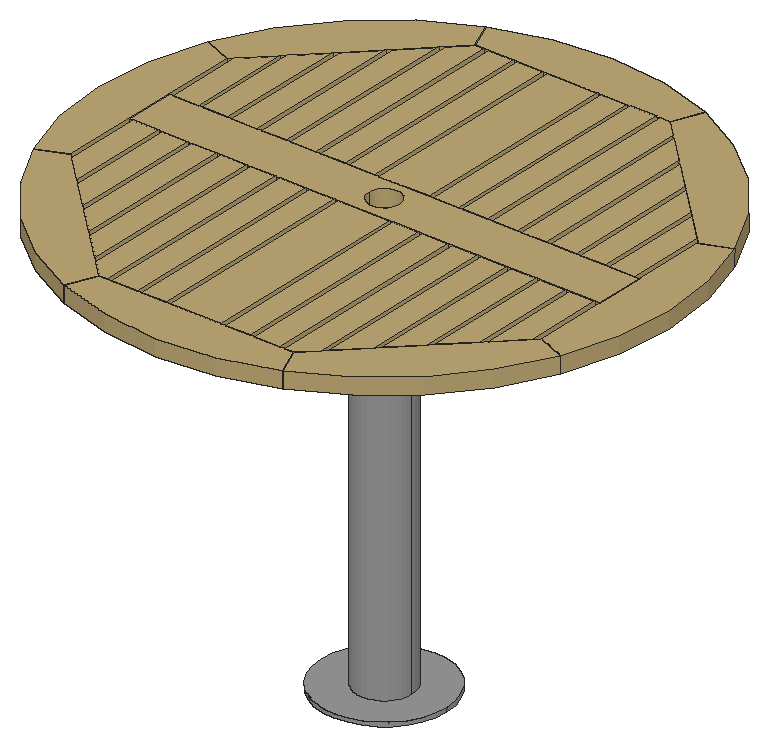
Revit family "L-FUR_테이블_YT-03_예건", category 일반 모델, Revit 2021
Family settings
  보강 철근 호스트 가능 = 아니오
  원형 커넥터 치수 = 지름 사용
  부품 유형 = 보통
  작업 기준면 기반 = 아니오
  항상 수직 = 예
  로드될 때 보이드를 사용하여 절단 = 아니오
  공유 = 아니오
  룸 계산 점 = 아니오
Parameters
  한국산업규격KS = ""
  조달청표준공사코드-세부공종 = ""
  기본 입면도 = 0 mm
  건설정보분류체계-부위분류 = "E943"
  LIM_INFO_주의사항 = "재배포, 재가공, 판매 금지"
  LIM_INFO_제품업체 = "예건"
  LIM_INFO_제품번호 = "YF-16"
  LIM_INFO_제품명 = "펜스_YF-16"
  LIM_INFO_제작일 = "20230315"
  LIM_INFO_재료 = "Hardwood, STL-pipe, STL-plate"
  LIM_INFO_업체정보 = ""
  LIM_INFO_업체URL = "https://yekun.com/"
  LIM_INFO_업체TEL = "(+82)31-943-6114"
  LIM_INFO_업체EMAIL = "yekun@yekun.com"
  LIM_INFO_버전 = "2023_V01"
  LIM_INFO_기타정보 = ""
  LIM_INFO_규격 = "W2000 x H1800"
  LIM_INFO_가격 = 0
  LIM_INFO_PV_포장재여부 = yes
  LIM_INFO_PV_면적 = 0.00 m²
  KBIMS_식별-버전 = ""
  KBIMS_식별-bSK등록번호 = ""
  KBIMS_보급정보-저작자 = "림인포테크_MMJ"
  KBIMS_보급정보-보급코드 = ""
Reference planes
  plane 1 "중심(앞/뒤)": y = 0
  plane 2: z = 0
  plane 3 "중심(왼쪽/오른쪽)": x = 0
Dimensions and locks
  aligned and locked: level to plane 2
Nested families
  nested 1: "YT-03_base" at (0, 0, 0), type "YT-03_base"
Definition of nested family "YT-03_base"
  Parameters (values of type "YT-03_base")
    Default Elevation = 0 mm
  Reference planes
    plane 1 "중심(앞/뒤)": y = 0
    plane 2: z = 0
    plane 3 "중심(왼쪽/오른쪽)": x = 0
  Forms (mm)
    Extrusion 1, solid, detail levels fine
      sketch origin (-1092.933, -5777.952, 0) x (1, 0, 0) y (0, 1, 0)
        loop
          circle (1547.527, 6232.546) r 100
      from 0 to 6
    Blend 2, solid, detail levels fine
      base sketch origin (-1092.933, -5777.952, 0) x (1, 0, 0) y (0, 1, 0)
        loop
          circle (1547.527, 6232.546) r 74.55
      top sketch origin (-1092.933, -5777.952, 0) x (1, 0, 0) y (0, 1, 0)
        loop
          circle (1547.527, 6232.546) r 421.289
      from 588 to 668
    Extrusion 3, solid, detail levels fine
      sketch origin (-1092.933, -5777.952, 0) x (1, 0, 0) y (0, 1, 0)
        loop
          circle (1547.527, 6232.546) r 421.289
      from 668 to 674
    Extrusion 4, solid, detail levels fine
      sketch origin (-1092.933, -5777.952, 0) x (1, 0, 0) y (0, 1, 0)
        loop
          line (1178.527, 6395.291) -> (1178.527, 6272.546) -> (1218.527, 6272.546) -> (1218.527, 6435.291) -> (1178.527, 6395.291)
        loop
          line (1225.527, 6442.291) -> (1225.527, 6272.546) -> (1265.527, 6272.546) -> (1265.527, 6482.291) -> (1225.527, 6442.291)
        loop
          line (1272.527, 6272.546) -> (1312.527, 6272.546) -> (1312.527, 6529.291) -> (1272.527, 6489.291) -> (1272.527, 6272.546)
        loop
          line (1319.527, 6536.291) -> (1319.527, 6272.546) -> (1359.527, 6272.546) -> (1359.527, 6576.291) -> (1319.527, 6536.291)
        loop
          line (1366.527, 6272.546) -> (1406.527, 6272.546) -> (1406.527, 6608.546) -> (1391.783, 6608.546) -> (1366.527, 6583.291) -> (1366.527, 6272.546)
        loop
          line (1413.527, 6608.546) -> (1413.527, 6272.546) -> (1453.527, 6272.546) -> (1453.527, 6608.546) -> (1413.527, 6608.546)
        loop
          line (1460.527, 6272.546) -> (1500.527, 6272.546) -> (1500.527, 6608.546) -> (1460.527, 6608.546) -> (1460.527, 6272.546)
      from 674 to 700
    Extrusion 5, solid, detail levels fine
      sketch origin (2002.122, -5777.952, 0) x (-1, 0, 0) y (0, -1, 0)
        loop
          line (1178.527, -6395.291) -> (1218.527, -6435.291) -> (1218.527, -6272.546) -> (1178.527, -6272.546) -> (1178.527, -6395.291)
        loop
          line (1225.527, -6442.291) -> (1265.527, -6482.291) -> (1265.527, -6272.546) -> (1225.527, -6272.546) -> (1225.527, -6442.291)
        loop
          line (1272.527, -6272.546) -> (1272.527, -6489.291) -> (1312.527, -6529.291) -> (1312.527, -6272.546) -> (1272.527, -6272.546)
        loop
          line (1319.527, -6536.291) -> (1359.527, -6576.291) -> (1359.527, -6272.546) -> (1319.527, -6272.546) -> (1319.527, -6536.291)
        loop
          line (1366.527, -6272.546) -> (1366.527, -6583.291) -> (1391.783, -6608.546) -> (1406.527, -6608.546) -> (1406.527, -6272.546) -> (1366.527, -6272.546)
        loop
          line (1413.527, -6608.546) -> (1453.527, -6608.546) -> (1453.527, -6272.546) -> (1413.527, -6272.546) -> (1413.527, -6608.546)
        loop
          line (1460.527, -6272.546) -> (1460.527, -6608.546) -> (1500.527, -6608.546) -> (1500.527, -6272.546) -> (1460.527, -6272.546)
      from 674 to 700
    Extrusion 6, solid, detail levels fine
      sketch origin (-1092.933, 6687.141, 0) x (1, 0, 0) y (0, 1, 0)
        loop
          line (1178.527, -6395.291) -> (1218.527, -6435.291) -> (1218.527, -6272.546) -> (1178.527, -6272.546) -> (1178.527, -6395.291)
        loop
          line (1225.527, -6442.291) -> (1265.527, -6482.291) -> (1265.527, -6272.546) -> (1225.527, -6272.546) -> (1225.527, -6442.291)
        loop
          line (1272.527, -6272.546) -> (1272.527, -6489.291) -> (1312.527, -6529.291) -> (1312.527, -6272.546) -> (1272.527, -6272.546)
        loop
          line (1319.527, -6536.291) -> (1359.527, -6576.291) -> (1359.527, -6272.546) -> (1319.527, -6272.546) -> (1319.527, -6536.291)
        loop
          line (1366.527, -6272.546) -> (1366.527, -6583.291) -> (1391.783, -6608.546) -> (1406.527, -6608.546) -> (1406.527, -6272.546) -> (1366.527, -6272.546)
        loop
          line (1413.527, -6608.546) -> (1453.527, -6608.546) -> (1453.527, -6272.546) -> (1413.527, -6272.546) -> (1413.527, -6608.546)
        loop
          line (1460.527, -6272.546) -> (1460.527, -6608.546) -> (1500.527, -6608.546) -> (1500.527, -6272.546) -> (1460.527, -6272.546)
      from 674 to 700
    Extrusion 7, solid, detail levels fine
      sketch origin (2002.122, 6687.141, 0) x (-1, 0, 0) y (0, -1, 0)
        loop
          line (1178.527, 6395.291) -> (1178.527, 6272.546) -> (1218.527, 6272.546) -> (1218.527, 6435.291) -> (1178.527, 6395.291)
        loop
          line (1225.527, 6442.291) -> (1225.527, 6272.546) -> (1265.527, 6272.546) -> (1265.527, 6482.291) -> (1225.527, 6442.291)
        loop
          line (1272.527, 6272.546) -> (1312.527, 6272.546) -> (1312.527, 6529.291) -> (1272.527, 6489.291) -> (1272.527, 6272.546)
        loop
          line (1319.527, 6536.291) -> (1319.527, 6272.546) -> (1359.527, 6272.546) -> (1359.527, 6576.291) -> (1319.527, 6536.291)
        loop
          line (1366.527, 6272.546) -> (1406.527, 6272.546) -> (1406.527, 6608.546) -> (1391.783, 6608.546) -> (1366.527, 6583.291) -> (1366.527, 6272.546)
        loop
          line (1413.527, 6608.546) -> (1413.527, 6272.546) -> (1453.527, 6272.546) -> (1453.527, 6608.546) -> (1413.527, 6608.546)
        loop
          line (1460.527, 6272.546) -> (1500.527, 6272.546) -> (1500.527, 6608.546) -> (1460.527, 6608.546) -> (1460.527, 6272.546)
      from 674 to 700
    Extrusion 8, solid, detail levels fine
      sketch origin (-1092.933, -5777.952, 0) x (1, 0, 0) y (0, 1, 0)
        loop
          arc (1373.024, 6653.836) -> (1225.087, 6554.987) -> (1126.238, 6407.05) r 456
          line (1126.238, 6407.05) -> (1171.527, 6388.291) -> (1391.783, 6608.546) -> (1373.024, 6653.836)
      from 674 to 700
    Extrusion 9, solid, detail levels fine
      sketch origin (2002.122, -5777.952, 0) x (-1, 0, 0) y (0, -1, 0)
        loop
          line (1373.024, -6653.836) -> (1391.783, -6608.546) -> (1171.527, -6388.291) -> (1126.238, -6407.05)
          arc (1126.238, -6407.05) -> (1225.087, -6554.987) -> (1373.024, -6653.836) r 456
      from 674 to 700
    Extrusion 10, solid, detail levels fine
      sketch origin (-1092.933, 6687.141, 0) x (1, 0, 0) y (0, 1, 0)
        loop
          line (1373.024, -6653.836) -> (1391.783, -6608.546) -> (1171.527, -6388.291) -> (1126.238, -6407.05)
          arc (1126.238, -6407.05) -> (1225.087, -6554.987) -> (1373.024, -6653.836) r 456
      from 674 to 700
    Extrusion 11, solid, detail levels fine
      sketch origin (3767.403, 5955.937, 0) x (0.707107, -0.707107, 0) y (0.707107, 0.707107, 0)
        loop
          line (1373.024, -6653.836) -> (1391.783, -6608.546) -> (1171.527, -6388.291) -> (1126.238, -6407.05)
          arc (1126.238, -6407.05) -> (1225.087, -6554.987) -> (1373.024, -6653.836) r 456
      from 674 to 700
    Extrusion 12, solid, detail levels fine
      sketch origin (2002.122, 6687.141, 0) x (-1, 0, 0) y (0, -1, 0)
        loop
          arc (1373.024, 6653.836) -> (1225.087, 6554.987) -> (1126.238, 6407.05) r 456
          line (1126.238, 6407.05) -> (1171.527, 6388.291) -> (1391.783, 6608.546) -> (1373.024, 6653.836)
      from 674 to 700
    Extrusion 13, solid, detail levels fine
      sketch origin (5955.937, 3767.403, 0) x (-0.707107, 0.707107, 0) y (-0.707107, -0.707107, 0)
        loop
          arc (1373.024, 6653.836) -> (1225.087, 6554.987) -> (1126.238, 6407.05) r 456
          line (1126.238, 6407.05) -> (1171.527, 6388.291) -> (1391.783, 6608.546) -> (1373.024, 6653.836)
      from 674 to 700
    Extrusion 14, solid, detail levels fine
      sketch origin (-2858.215, -5046.749, 0) x (-0.707107, 0.707107, 0) y (-0.707107, -0.707107, 0)
        loop
          line (1373.024, -6653.836) -> (1391.783, -6608.546) -> (1171.527, -6388.291) -> (1126.238, -6407.05)
          arc (1126.238, -6407.05) -> (1225.087, -6554.987) -> (1373.024, -6653.836) r 456
      from 674 to 700
    Extrusion 15, solid, detail levels fine
      sketch origin (-5046.749, -2858.215, 0) x (0.707107, -0.707107, 0) y (0.707107, 0.707107, 0)
        loop
          arc (1373.024, 6653.836) -> (1225.087, 6554.987) -> (1126.238, 6407.05) r 456
          line (1126.238, 6407.05) -> (1171.527, 6388.291) -> (1391.783, 6608.546) -> (1373.024, 6653.836)
      from 674 to 700
    Extrusion 16, solid, detail levels fine
      sketch origin (-1092.933, -5777.952, 0) x (1, 0, 0) y (0, 1, 0)
        loop
          line (1171.527, 6272.546) -> (1171.527, 6192.546) -> (1923.527, 6192.546) -> (1923.527, 6272.546) -> (1171.527, 6272.546)
        loop
          circle (1547.527, 6232.546) r 25
      from 674 to 700
    Extrusion 17, solid, detail levels fine
      sketch origin (-1092.933, -5777.952, 0) x (1, 0, 0) y (0, 1, 0)
        loop
          line (1507.527, 6608.546) -> (1507.527, 6272.546) -> (1587.527, 6272.546) -> (1587.527, 6608.546) -> (1507.527, 6608.546)
        loop
          line (1507.527, 5856.546) -> (1587.527, 5856.546) -> (1587.527, 6192.546) -> (1507.527, 6192.546) -> (1507.527, 5856.546)
      from 674 to 700
    Extrusion 18, solid, detail levels fine
      sketch origin (-1092.933, -5777.952, 0) x (1, 0, 0) y (0, 1, 0)
        loop
          circle (1547.527, 6232.546) r 44.45
      from 6 to 588
    Extrusion 19, solid, detail levels coarse+medium
      sketch origin (-1092.933, -5777.952, 0) x (1, 0, 0) y (0, 1, 0)
        loop
          line (1547.527, 6332.546) -> (1497.527, 6319.149) -> (1460.925, 6282.546) -> (1447.527, 6232.546) -> (1460.925, 6182.546) -> (1497.527, 6145.944) -> (1547.527, 6132.546) -> (1597.527, 6145.944) -> (1634.13, 6182.546) -> (1647.527, 6232.546) -> (1634.13, 6282.546) -> (1597.527, 6319.149) -> (1547.527, 6332.546)
      from 0 to 6
    Extrusion 20, solid, detail levels coarse+medium
      sketch origin (-1092.933, -5777.952, 0) x (1, 0, 0) y (0, 1, 0)
        loop
          line (1547.527, 6653.836) -> (1336.883, 6597.394) -> (1182.68, 6443.191) -> (1126.238, 6232.546) -> (1182.68, 6021.902) -> (1336.883, 5867.699) -> (1547.527, 5811.257) -> (1758.172, 5867.699) -> (1912.374, 6021.902) -> (1968.816, 6232.546) -> (1912.374, 6443.191) -> (1758.172, 6597.394) -> (1547.527, 6653.836)
      from 668 to 674
    Extrusion 21, solid, detail levels coarse+medium
      sketch origin (-5046.749, -2858.215, 0) x (0.707107, -0.707107, 0) y (0.707107, 0.707107, 0)
        loop
          line (1869.968, 5910.106) -> (1987.989, 6114.525) -> (1987.989, 6350.568) -> (1869.968, 6554.987) -> (1665.549, 6673.009) -> (1429.506, 6673.009) -> (1225.087, 6554.987) -> (1107.065, 6350.568) -> (1107.065, 6114.525) -> (1225.087, 5910.106) -> (1429.506, 5792.084) -> (1665.549, 5792.084) -> (1869.968, 5910.106)
      from 674 to 700
    Extrusion 22, solid, detail levels coarse+medium
      sketch origin (-1092.933, -5777.952, 0) x (1, 0, 0) y (0, 1, 0)
        loop
          line (1547.527, 6276.996) -> (1525.302, 6271.041) -> (1509.032, 6254.771) -> (1503.077, 6232.546) -> (1509.032, 6210.321) -> (1525.302, 6194.052) -> (1547.527, 6188.096) -> (1569.752, 6194.052) -> (1586.022, 6210.321) -> (1591.977, 6232.546) -> (1586.022, 6254.771) -> (1569.752, 6271.041) -> (1547.527, 6276.996)
      from 6 to 668
  Dimensions and locks
    aligned and locked: level to plane 2
